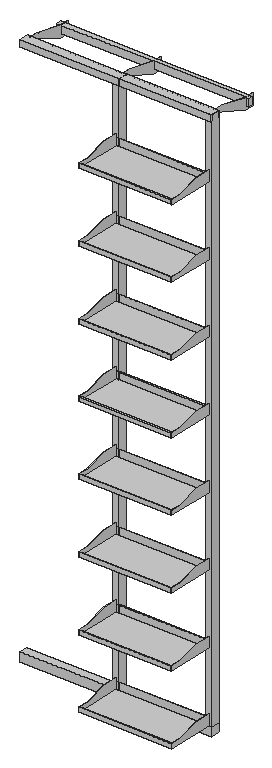
Revit family "RX24", category Specialty Equipment, Revit 2012
Parameters (values of type "Pharmacy Rolling Frame Starter (Default)")
  URL = "http://www.madixinc.com/store/pharmacy/components/index.html"
  Model = "Pharmacy"
  Manufacturer = "© 2012 Madix, Inc. All rights reserved."
  "Front" Base Shelf [instance] = yes
  "Front" 2' Shelf [instance] = yes
  "Front" 3' Shelf [instance] = yes
  "Front" 4' Shelf [instance] = yes
  Shelf Width = 1' - 4"
  "Front" 5' Shelf [instance] = yes
  "Front" 6' Shelf [instance] = yes
  "Front" 7' Shelf [instance] = yes
  "Front" 8' Shelf [instance] = yes
  Height = 8' - 0"
Reference planes (in)
  plane 1 "Center (Front/Back)": y = 0
  plane 2: z = 0
  plane 3 "Center (Left/Right)": x = 0
  plane 4: z = 0
  plane 5: z = 1.5
  plane 6: x = 8.5
  plane 7: x = 8.4375
  plane 8: x = -8.5
  plane 9: x = -8.4375
  plane 10: x = -8
  plane 11: x = 8
  plane 12: x = -8.5
  plane 13: x = 8.5
  plane 14: x = 7.5
  plane 15: x = -7.5
  plane 16: x = -7.9375
  plane 17: x = 7.9375
  plane 18: z = 96
  plane 19: z = 95.9375
  plane 20: z = 95
  plane 21: z = 93
  plane 22: z = 96
  plane 23: z = 95.9375
  plane 24: z = 95
  plane 25: z = 93
  plane 26: z = 96
  plane 27: x = -24.5
  plane 28: x = -24
  plane 29: x = -23.9375
Forms (in)
  Extrusion 1, solid, material "Metal - Steel", visible <- ""Front" Base Shelf"
    sketch origin (0, 0, 0) x (0, 1, 0) y (0, 0, 1)
      loop
        line (-0.75, 1.5) -> (-0.75, 3.25) -> (-3.25, 3.25) -> (-6.75, 2.25) -> (-8.75, 2.25) -> (-8.75, 1.5) -> (-0.75, 1.5)
    from -8 to -7.9375
  Extrusion 2, solid, material "Metal - Steel", visible <- ""Front" Base Shelf"
    sketch origin (0, 0, 0) x (0, 1, 0) y (0, 0, -1)
      loop
        line (-0.75, -1.5) -> (-8.75, -1.5) -> (-8.75, -2.25) -> (-6.75, -2.25) -> (-3.25, -3.25) -> (-0.75, -3.25) -> (-0.75, -1.5)
    from -8 to -7.9375
  Extrusion 3, solid, material "Metal - Steel", visible <- ""Front" Base Shelf"
    sketch origin (-8.5, -1.375, 84) x (0, 0, -1) y (0, -1, 0)
      loop
        line (81.75, 7.375) -> (81.75, 7.3125) -> (82.4375, 7.3125) -> (82.4375, -0.5625) -> (81.21326, -0.5625) -> (81.21326, -0.625) -> (82.5, -0.625) -> (82.5, 7.375) -> (81.75, 7.375)
    from -16.4375 to -0.5625
  Extrusion 4, solid, material "Metal - Steel", visible <- ""Front" 2' Shelf"
    sketch origin (0, 0, 12) x (0, 1, 0) y (0, 0, 1)
      loop
        line (-0.75, 1.5) -> (-0.75, 3.25) -> (-3.25, 3.25) -> (-6.75, 2.25) -> (-8.75, 2.25) -> (-8.75, 1.5) -> (-0.75, 1.5)
    from -8 to -7.9375
  Extrusion 5, solid, material "Metal - Steel", visible <- ""Front" 2' Shelf"
    sketch origin (0, 0, 12) x (0, 1, 0) y (0, 0, -1)
      loop
        line (-0.75, -1.5) -> (-8.75, -1.5) -> (-8.75, -2.25) -> (-6.75, -2.25) -> (-3.25, -3.25) -> (-0.75, -3.25) -> (-0.75, -1.5)
    from -7.9375 to -8
  Extrusion 6, solid, material "Metal - Steel", visible <- ""Front" 2' Shelf"
    sketch origin (-8.5, -1.375, 96) x (0, 0, -1) y (0, -1, 0)
      loop
        line (81.75, 7.375) -> (81.75, 7.3125) -> (82.4375, 7.3125) -> (82.4375, -0.5625) -> (81.21326, -0.5625) -> (81.21326, -0.625) -> (82.5, -0.625) -> (82.5, 7.375) -> (81.75, 7.375)
    from -16.4375 to -0.5625
  Extrusion 7, solid, material "Metal - Steel", visible <- ""Front" 3' Shelf"
    sketch origin (0, 0, 24) x (0, 1, 0) y (0, 0, 1)
      loop
        line (-0.75, 1.5) -> (-0.75, 3.25) -> (-3.25, 3.25) -> (-6.75, 2.25) -> (-8.75, 2.25) -> (-8.75, 1.5) -> (-0.75, 1.5)
    from -8 to -7.9375
  Extrusion 8, solid, material "Metal - Steel", visible <- ""Front" 3' Shelf"
    sketch origin (0, 0, 24) x (0, 1, 0) y (0, 0, -1)
      loop
        line (-0.75, -1.5) -> (-8.75, -1.5) -> (-8.75, -2.25) -> (-6.75, -2.25) -> (-3.25, -3.25) -> (-0.75, -3.25) -> (-0.75, -1.5)
    from -8 to -7.9375
  Extrusion 9, solid, material "Metal - Steel", visible <- ""Front" 3' Shelf"
    sketch origin (-8.5, -1.375, 108) x (0, 0, -1) y (0, -1, 0)
      loop
        line (81.75, 7.375) -> (81.75, 7.3125) -> (82.4375, 7.3125) -> (82.4375, -0.5625) -> (81.21326, -0.5625) -> (81.21326, -0.625) -> (82.5, -0.625) -> (82.5, 7.375) -> (81.75, 7.375)
    from -16.4375 to -0.5625
  Extrusion 10, solid, material "Metal - Steel", visible <- ""Front" 4' Shelf"
    sketch origin (0, 0, 36) x (0, 1, 0) y (0, 0, 1)
      loop
        line (-0.75, 1.5) -> (-0.75, 3.25) -> (-3.25, 3.25) -> (-6.75, 2.25) -> (-8.75, 2.25) -> (-8.75, 1.5) -> (-0.75, 1.5)
    from -8 to -7.9375
  Extrusion 11, solid, material "Metal - Steel", visible <- ""Front" 4' Shelf"
    sketch origin (0, 0, 36) x (0, 1, 0) y (0, 0, -1)
      loop
        line (-0.75, -1.5) -> (-8.75, -1.5) -> (-8.75, -2.25) -> (-6.75, -2.25) -> (-3.25, -3.25) -> (-0.75, -3.25) -> (-0.75, -1.5)
    from -8 to -7.9375
  Extrusion 12, solid, material "Metal - Steel", visible <- ""Front" 4' Shelf"
    sketch origin (-8.5, -1.375, 120) x (0, 0, -1) y (0, -1, 0)
      loop
        line (81.75, 7.375) -> (81.75, 7.3125) -> (82.4375, 7.3125) -> (82.4375, -0.5625) -> (81.21326, -0.5625) -> (81.21326, -0.625) -> (82.5, -0.625) -> (82.5, 7.375) -> (81.75, 7.375)
    from -16.4375 to -0.5625
  Extrusion 13, solid, material "Metal - Steel"
    sketch origin (-6, -1.375, 84) x (-1, 0, 0) y (0, -1, 0)
      loop
        line (18.5, -0.625) -> (-14.5, -0.625) -> (-14.5, -2.125) -> (18.5, -2.125) -> (18.5, -0.625)
    from -84 to -82.5
  Extrusion 14, solid, material "Metal - Steel"
    sketch origin (0, 0, 0) x (0, 1, 0) y (0, 0, -1)
      loop
        line (8.75, -95) -> (8.75, -93) -> (7.25, -93) -> (2.1875, -95) -> (0.8125, -95) -> (0.8125, -96) -> (2.1875, -96) -> (7.25, -95) -> (8.75, -95)
    from -8 to -7.9375
  Extrusion 15, solid, material "Metal - Steel"
    sketch origin (0, 0, 0) x (0, 1, 0) y (0, 0, 1)
      loop
        line (-0.8125, 95) -> (-0.75, 95) -> (-0.75, 95.9375) -> (0.75, 95.9375) -> (0.75, 95) -> (0.8125, 95) -> (0.8125, 96) -> (-0.8125, 96) -> (-0.8125, 95)
      loop
        line (7.25, 95) -> (7.25, 93.75) -> (8, 93.75) -> (8, 95) -> (7.25, 95)
    from -24.5 to 8.5
  Extrusion 16, solid, material "Metal - Steel"
    sketch origin (-6, -1.375, 84) x (-1, 0, 0) y (0, -1, 0)
      loop
        line (2.5, -2.125) -> (2.5, -0.625) -> (1.5, -0.625) -> (1.5, -2.125) -> (2.5, -2.125)
      loop
        line (-14.5, -2.125) -> (-13.5, -2.125) -> (-13.5, -0.625) -> (-14.5, -0.625) -> (-14.5, -2.125)
    from -82.5 to 11.9375
  Extrusion 17, solid, material "Metal - Steel"
    sketch origin (0, 0, 0) x (0, 1, 0) y (0, 0, 1)
      loop
        line (8.75, 95) -> (7.25, 95) -> (2.1875, 96) -> (0.8125, 96) -> (0.8125, 95) -> (2.1875, 95) -> (7.25, 93) -> (8.75, 93) -> (8.75, 95)
    from -8 to -7.9375
  Extrusion 18, solid, material "Metal - Steel", visible <- ""Front" 5' Shelf"
    sketch origin (0, 0, 0) x (0, 1, 0) y (0, 0, 1)
      loop
        line (-0.8125, 50.78674) -> (-0.8125, 49.5625) -> (-8.6875, 49.5625) -> (-8.6875, 50.25) -> (-8.75, 50.25) -> (-8.75, 49.5) -> (-0.75, 49.5) -> (-0.75, 50.78674) -> (-0.8125, 50.78674)
    from -7.9375 to 7.9375
  Extrusion 19, solid, material "Metal - Steel", visible <- ""Front" 6' Shelf"
    sketch origin (0, 0, -72) x (0, 1, 0) y (0, 0, 1)
      loop
        line (-0.8125, 133.5625) -> (-8.6875, 133.5625) -> (-8.6875, 134.25) -> (-8.75, 134.25) -> (-8.75, 133.5) -> (-0.75, 133.5) -> (-0.75, 134.78674) -> (-0.8125, 134.78674) -> (-0.8125, 133.5625)
    from -7.9375 to 7.9375
  Extrusion 20, solid, material "Metal - Steel", visible <- ""Front" 7' Shelf"
    sketch origin (0, 0, 0) x (0, 1, 0) y (0, 0, 1)
      loop
        line (-0.75, 74.78674) -> (-0.8125, 74.78674) -> (-0.8125, 73.5625) -> (-8.6875, 73.5625) -> (-8.6875, 74.25) -> (-8.75, 74.25) -> (-8.75, 73.5) -> (-0.75, 73.5) -> (-0.75, 74.78674)
    from -7.9375 to 7.9375
  Extrusion 21, solid, material "Metal - Steel", visible <- ""Front" 8' Shelf"
    sketch origin (0, 0, 0) x (0, 1, 0) y (0, 0, 1)
      loop
        line (-0.75, 86.78674) -> (-0.8125, 86.78674) -> (-0.8125, 85.5625) -> (-8.6875, 85.5625) -> (-8.6875, 86.25) -> (-8.75, 86.25) -> (-8.75, 85.5) -> (-0.75, 85.5) -> (-0.75, 86.78674)
    from -7.9375 to 7.9375
  Extrusion 22, solid, material "Metal - Steel", visible <- ""Front" 5' Shelf"
    sketch origin (0, 0, 0) x (0, 1, 0) y (0, 0, 1)
      loop
        line (-0.75, 51.25) -> (-3.25, 51.25) -> (-6.75, 50.25) -> (-8.75, 50.25) -> (-8.75, 49.5) -> (-0.75, 49.5) -> (-0.75, 51.25)
    from -8 to -7.9375
  Extrusion 23, solid, material "Metal - Steel", visible <- ""Front" 5' Shelf"
    sketch origin (0, 0, 0) x (0, 1, 0) y (0, 0, -1)
      loop
        line (-0.75, -51.25) -> (-0.75, -49.5) -> (-8.75, -49.5) -> (-8.75, -50.25) -> (-6.75, -50.25) -> (-3.25, -51.25) -> (-0.75, -51.25)
    from -8 to -7.9375
  Extrusion 24, solid, material "Metal - Steel", visible <- ""Front" 6' Shelf"
    sketch origin (0, 0, 0) x (0, 1, 0) y (0, 0, 1)
      loop
        line (-0.75, 63.25) -> (-3.25, 63.25) -> (-6.75, 62.25) -> (-8.75, 62.25) -> (-8.75, 61.5) -> (-0.75, 61.5) -> (-0.75, 63.25)
    from -8 to -7.9375
  Extrusion 25, solid, material "Metal - Steel", visible <- ""Front" 6' Shelf"
    sketch origin (0, 0, 0) x (0, 1, 0) y (0, 0, -1)
      loop
        line (-0.75, -63.25) -> (-0.75, -61.5) -> (-8.75, -61.5) -> (-8.75, -62.25) -> (-6.75, -62.25) -> (-3.25, -63.25) -> (-0.75, -63.25)
    from -8 to -7.9375
  Extrusion 26, solid, material "Metal - Steel", visible <- ""Front" 7' Shelf"
    sketch origin (0, 0, 0) x (0, 1, 0) y (0, 0, 1)
      loop
        line (-0.75, 75.25) -> (-3.25, 75.25) -> (-6.75, 74.25) -> (-8.75, 74.25) -> (-8.75, 73.5) -> (-0.75, 73.5) -> (-0.75, 75.25)
    from -8 to -7.9375
  Extrusion 27, solid, material "Metal - Steel", visible <- ""Front" 7' Shelf"
    sketch origin (0, 0, 0) x (0, 1, 0) y (0, 0, -1)
      loop
        line (-0.75, -75.25) -> (-0.75, -73.5) -> (-8.75, -73.5) -> (-8.75, -74.25) -> (-6.75, -74.25) -> (-3.25, -75.25) -> (-0.75, -75.25)
    from -8 to -7.9375
  Extrusion 28, solid, material "Metal - Steel", visible <- ""Front" 8' Shelf"
    sketch origin (0, 0, 0) x (0, 1, 0) y (0, 0, 1)
      loop
        line (-0.75, 87.25) -> (-3.25, 87.25) -> (-6.75, 86.25) -> (-8.75, 86.25) -> (-8.75, 85.5) -> (-0.75, 85.5) -> (-0.75, 87.25)
    from -8 to -7.9375
  Extrusion 29, solid, material "Metal - Steel", visible <- ""Front" 8' Shelf"
    sketch origin (0, 0, 0) x (0, 1, 0) y (0, 0, -1)
      loop
        line (-0.75, -87.25) -> (-0.75, -85.5) -> (-8.75, -85.5) -> (-8.75, -86.25) -> (-6.75, -86.25) -> (-3.25, -87.25) -> (-0.75, -87.25)
    from -8 to -7.9375
  Extrusion 30, solid, material "Metal - Steel"
    sketch origin (0, 0, 0) x (0, 1, 0) y (0, 0, 1)
      loop
        line (8.75, 95) -> (7.25, 95) -> (2.1875, 96) -> (0.8125, 96) -> (0.8125, 95) -> (2.1875, 95) -> (7.25, 93) -> (8.75, 93) -> (8.75, 95)
    from -24 to -23.9375
Cuts and joins
  joined: Extrusion 1, Extrusion 2, Extrusion 3
  joined: Extrusion 14, Extrusion 15, Extrusion 17
Dimensions and locks (in)
  locked: plane 6 to plane 7 at 0.0625
  locked: plane 9 to plane 8 at 0.0625
  equal spacing: plane 6, plane 3 "Center (Left/Right)", plane 8
  plane 14 to plane 11 to plane 13 = 0' - 0 1/2" locked, 0' - 0 1/2" locked
  plane 12 to plane 10 to plane 15 = 0' - 0 1/2" locked, 0' - 0 1/2" locked
  equal spacing: plane 10, plane 3 "Center (Left/Right)", plane 11
  "Shelf Width": plane 10 to plane 11
  locked: plane 10 to plane 16 at 0.0625
  locked: plane 17 to plane 11 at 0.0625
  plane 18 to plane 19 to plane 20 to plane 21 = 0' - 0 1/16" locked, 0' - 0 15/16" locked, 0' - 2" locked
  plane 22 to plane 23 to plane 24 to plane 25 = 0' - 0 1/16" locked, 0' - 0 15/16" locked, 0' - 2" locked
  "Height": plane 26 to level
  "Shelf Width": plane 27 to plane 12
  plane 27 to plane 28 to plane 29 = 0' - 0 1/2" locked, 0' - 0 1/16" locked
  aligned and locked: level to plane 2
  aligned and locked: Extrusion 3 to Extrusion 2
  aligned and locked: Extrusion 3 to Extrusion 1
  aligned and locked: cut or joined group of Extrusion 1, Extrusion 2, Extrusion 3 to Extrusion 12
  aligned and locked: cut or joined group of Extrusion 1, Extrusion 2, Extrusion 3 to Extrusion 9
  aligned and locked: cut or joined group of Extrusion 1, Extrusion 2, Extrusion 3 to Extrusion 6  (x2)
  aligned and locked: plane 10 to cut or joined group of Extrusion 1, Extrusion 2, Extrusion 3
  aligned and locked: plane 11 to cut or joined group of Extrusion 1, Extrusion 2, Extrusion 3
  aligned and locked: plane 16 to cut or joined group of Extrusion 1, Extrusion 2, Extrusion 3
  aligned and locked: Extrusion 5 to cut or joined group of Extrusion 1, Extrusion 2, Extrusion 3
  aligned and locked: Extrusion 5 to plane 17
  aligned and locked: Extrusion 2 to Extrusion 5  (x2)
  aligned and locked: Extrusion 11 to cut or joined group of Extrusion 1, Extrusion 2, Extrusion 3  (x2)
  aligned and locked: Extrusion 8 to cut or joined group of Extrusion 1, Extrusion 2, Extrusion 3  (x2)
  aligned and locked: Extrusion 12 to cut or joined group of Extrusion 1, Extrusion 2, Extrusion 3  (x2)
  aligned and locked: Extrusion 9 to cut or joined group of Extrusion 1, Extrusion 2, Extrusion 3  (x2)
  aligned and locked: Extrusion 6 to cut or joined group of Extrusion 1, Extrusion 2, Extrusion 3  (x2)
  aligned and locked: Extrusion 10 to cut or joined group of Extrusion 1, Extrusion 2, Extrusion 3  (x2)
  aligned and locked: Extrusion 7 to cut or joined group of Extrusion 1, Extrusion 2, Extrusion 3  (x2)
  aligned and locked: Extrusion 4 to cut or joined group of Extrusion 1, Extrusion 2, Extrusion 3  (x2)
  aligned and locked: plane 6 to plane 13
  aligned and locked: Extrusion 16 to plane 5
  aligned and locked: Extrusion 16 to cut or joined group of Extrusion 14, Extrusion 15, Extrusion 17
  aligned and locked: Extrusion 11 to Extrusion 18
  aligned and locked: Extrusion 18 to Extrusion 10
  aligned and locked: Extrusion 19 to cut or joined group of Extrusion 1, Extrusion 2, Extrusion 3  (x2)
  aligned and locked: plane 19 to Extrusion 16
  aligned and locked: plane 20 to cut or joined group of Extrusion 14, Extrusion 15, Extrusion 17
  aligned and locked: plane 21 to cut or joined group of Extrusion 14, Extrusion 15, Extrusion 17
  aligned and locked: plane 24 to cut or joined group of Extrusion 14, Extrusion 15, Extrusion 17
  aligned and locked: plane 25 to cut or joined group of Extrusion 14, Extrusion 15, Extrusion 17
  aligned and locked: plane 18 to plane 22
  aligned and locked: plane 22 to plane 26
  aligned and locked: Extrusion 29 to cut or joined group of Extrusion 1, Extrusion 2, Extrusion 3  (x2)
  aligned and locked: Extrusion 27 to cut or joined group of Extrusion 1, Extrusion 2, Extrusion 3  (x2)
  aligned and locked: Extrusion 25 to cut or joined group of Extrusion 1, Extrusion 2, Extrusion 3  (x2)
  aligned and locked: Extrusion 23 to cut or joined group of Extrusion 1, Extrusion 2, Extrusion 3  (x2)
  aligned and locked: Extrusion 21 to cut or joined group of Extrusion 1, Extrusion 2, Extrusion 3  (x2)
  aligned and locked: Extrusion 20 to cut or joined group of Extrusion 1, Extrusion 2, Extrusion 3  (x2)
  aligned and locked: Extrusion 28 to cut or joined group of Extrusion 1, Extrusion 2, Extrusion 3  (x2)
  aligned and locked: Extrusion 26 to cut or joined group of Extrusion 1, Extrusion 2, Extrusion 3  (x2)
  aligned and locked: Extrusion 24 to cut or joined group of Extrusion 1, Extrusion 2, Extrusion 3  (x2)
  aligned and locked: Extrusion 22 to cut or joined group of Extrusion 1, Extrusion 2, Extrusion 3  (x2)
  aligned and locked: plane 10 to Extrusion 17
  aligned and locked: Extrusion 17 to plane 16
  aligned and locked: Extrusion 14 to plane 17
  aligned and locked: Extrusion 14 to plane 11
  aligned and locked: plane 6 to Extrusion 15
  aligned and locked: Extrusion 15 to plane 27
  aligned and locked: plane 28 to Extrusion 30
  aligned and locked: Extrusion 30 to plane 29
  aligned and locked: Extrusion 13 to plane 27
Automatic sketch dimensions
  Extrusion 1 sketch curve to plane 5 = 0' - 0"
  plane 1 "Center (Front/Back)" to Extrusion 1 sketch curve = 0' - 8 3/4"
  plane 5 to Extrusion 1 sketch curve = 0' - 0 3/4"
  Extrusion 1 sketch curve to Extrusion 1 sketch curve = 0' - 2"
  plane 1 "Center (Front/Back)" to Extrusion 1 sketch curve = 0' - 3 1/4"
  plane 1 "Center (Front/Back)" to Extrusion 1 sketch curve = 0' - 0 3/4"
  plane 5 to Extrusion 1 sketch curve = 0' - 1 3/4"
  Extrusion 2 sketch curve to plane 5 = 0' - 0"
  plane 1 "Center (Front/Back)" to Extrusion 2 sketch curve = 0' - 8 3/4"
  plane 5 to Extrusion 2 sketch curve = 0' - 0 3/4"
  Extrusion 2 sketch curve to Extrusion 2 sketch curve = 0' - 2"
  plane 1 "Center (Front/Back)" to Extrusion 2 sketch curve = 0' - 3 1/4"
  plane 1 "Center (Front/Back)" to Extrusion 2 sketch curve = 0' - 0 3/4"
  plane 5 to Extrusion 2 sketch curve = 0' - 1 3/4"
  Extrusion 3 sketch curve to plane 5 = 0' - 0"
  plane 5 to Extrusion 3 sketch curve = 0' - 0 1/16"
  Extrusion 3 sketch curve to Extrusion 3 sketch curve = 0' - 0 11/16"
  Extrusion 3 sketch curve to Extrusion 3 sketch curve = 0' - 1.22424"
  plane 1 "Center (Front/Back)" to Extrusion 3 sketch curve = 0' - 0 3/4"
  Extrusion 3 sketch curve to Extrusion 3 sketch curve = 0' - 0 1/16"  (x2)
  Extrusion 3 sketch curve to Extrusion 3 sketch curve = 0' - 7 7/8"
  plane 1 "Center (Front/Back)" to Extrusion 4 sketch curve = 0' - 8 3/4"
  Extrusion 4 sketch curve to Extrusion 4 sketch curve = 0' - 2"
  plane 1 "Center (Front/Back)" to Extrusion 4 sketch curve = 0' - 3 1/4"
  plane 1 "Center (Front/Back)" to Extrusion 4 sketch curve = 0' - 0 3/4"
  plane 5 to Extrusion 4 sketch curve = 1' - 0"
  Extrusion 4 sketch curve to Extrusion 4 sketch curve = 0' - 0 3/4"
  Extrusion 4 sketch curve to Extrusion 4 sketch curve = 0' - 1 3/4"
  plane 1 "Center (Front/Back)" to Extrusion 5 sketch curve = 0' - 8 3/4"
  Extrusion 5 sketch curve to Extrusion 5 sketch curve = 0' - 2"
  plane 1 "Center (Front/Back)" to Extrusion 5 sketch curve = 0' - 3 1/4"
  plane 1 "Center (Front/Back)" to Extrusion 5 sketch curve = 0' - 0 3/4"
  plane 5 to Extrusion 5 sketch curve = 1' - 1 3/4"
  Extrusion 5 sketch curve to Extrusion 5 sketch curve = 0' - 1"
  Extrusion 5 sketch curve to Extrusion 5 sketch curve = 0' - 1 3/4"
  plane 1 "Center (Front/Back)" to Extrusion 6 sketch curve = 0' - 0 13/16"
  plane 5 to Extrusion 6 sketch curve = 1' - 1.28674"
  Extrusion 6 sketch curve to Extrusion 6 sketch curve = 0' - 0.53674"
  Extrusion 6 sketch curve to Extrusion 6 sketch curve = 0' - 0 11/16"
  Extrusion 6 sketch curve to Extrusion 6 sketch curve = 0' - 0 1/16"  (x3)
  Extrusion 6 sketch curve to Extrusion 6 sketch curve = 0' - 7 7/8"
  plane 1 "Center (Front/Back)" to Extrusion 7 sketch curve = 0' - 8 3/4"
  Extrusion 7 sketch curve to Extrusion 7 sketch curve = 0' - 2"
  plane 1 "Center (Front/Back)" to Extrusion 7 sketch curve = 0' - 3 1/4"
  plane 1 "Center (Front/Back)" to Extrusion 7 sketch curve = 0' - 0 3/4"
  plane 5 to Extrusion 7 sketch curve = 2' - 0"
  Extrusion 7 sketch curve to Extrusion 7 sketch curve = 0' - 0 3/4"
  Extrusion 7 sketch curve to Extrusion 7 sketch curve = 0' - 1 3/4"
  plane 1 "Center (Front/Back)" to Extrusion 8 sketch curve = 0' - 8 3/4"
  Extrusion 8 sketch curve to Extrusion 8 sketch curve = 0' - 2"
  plane 1 "Center (Front/Back)" to Extrusion 8 sketch curve = 0' - 3 1/4"
  plane 1 "Center (Front/Back)" to Extrusion 8 sketch curve = 0' - 0 3/4"
  plane 5 to Extrusion 8 sketch curve = 2' - 1 3/4"
  Extrusion 8 sketch curve to Extrusion 8 sketch curve = 0' - 1"
  Extrusion 8 sketch curve to Extrusion 8 sketch curve = 0' - 1 3/4"
  plane 1 "Center (Front/Back)" to Extrusion 9 sketch curve = 0' - 0 13/16"
  plane 5 to Extrusion 9 sketch curve = 2' - 1.28674"
  Extrusion 9 sketch curve to Extrusion 9 sketch curve = 0' - 0.53674"
  Extrusion 9 sketch curve to Extrusion 9 sketch curve = 0' - 0 11/16"
  Extrusion 9 sketch curve to Extrusion 9 sketch curve = 0' - 0 1/16"  (x3)
  Extrusion 9 sketch curve to Extrusion 9 sketch curve = 0' - 7 7/8"
  plane 1 "Center (Front/Back)" to Extrusion 10 sketch curve = 0' - 8 3/4"
  Extrusion 10 sketch curve to Extrusion 10 sketch curve = 0' - 2"
  plane 1 "Center (Front/Back)" to Extrusion 10 sketch curve = 0' - 3 1/4"
  plane 1 "Center (Front/Back)" to Extrusion 10 sketch curve = 0' - 0 3/4"
  plane 5 to Extrusion 10 sketch curve = 3' - 0"
  Extrusion 10 sketch curve to Extrusion 10 sketch curve = 0' - 0 3/4"
  Extrusion 10 sketch curve to Extrusion 10 sketch curve = 0' - 1 3/4"
  plane 1 "Center (Front/Back)" to Extrusion 11 sketch curve = 0' - 8 3/4"
  Extrusion 11 sketch curve to Extrusion 11 sketch curve = 0' - 2"
  plane 1 "Center (Front/Back)" to Extrusion 11 sketch curve = 0' - 3 1/4"
  plane 1 "Center (Front/Back)" to Extrusion 11 sketch curve = 0' - 0 3/4"
  plane 5 to Extrusion 11 sketch curve = 3' - 1 3/4"
  Extrusion 11 sketch curve to Extrusion 11 sketch curve = 0' - 1"
  Extrusion 11 sketch curve to Extrusion 11 sketch curve = 0' - 1 3/4"
  plane 1 "Center (Front/Back)" to Extrusion 12 sketch curve = 0' - 0 13/16"
  plane 5 to Extrusion 12 sketch curve = 3' - 1.28674"
  Extrusion 12 sketch curve to Extrusion 12 sketch curve = 0' - 0.53674"
  Extrusion 12 sketch curve to Extrusion 12 sketch curve = 0' - 0 11/16"
  Extrusion 12 sketch curve to Extrusion 12 sketch curve = 0' - 0 1/16"  (x3)
  Extrusion 12 sketch curve to Extrusion 12 sketch curve = 0' - 7 7/8"
  Extrusion 13 sketch curve to plane 6 = 0' - 0"
  Extrusion 13 sketch curve to plane 8 = 1' - 4"
  Extrusion 13 sketch curve to plane 1 "Center (Front/Back)" = 0' - 0 3/4"
  plane 1 "Center (Front/Back)" to Extrusion 13 sketch curve = 0' - 0 3/4"
  plane 1 "Center (Front/Back)" to Extrusion 15 sketch curve = 0' - 0 13/16"
  Extrusion 15 sketch curve to Extrusion 15 sketch curve = 0' - 0 1/16"  (x3)
  Extrusion 15 sketch curve to plane 1 "Center (Front/Back)" = 0' - 0 3/4"
  Extrusion 15 sketch curve to Extrusion 15 sketch curve = 0' - 6 7/16"
  Extrusion 15 sketch curve to Extrusion 15 sketch curve = 0' - 0 3/4"
  plane 5 to Extrusion 15 sketch curve = 7' - 8 1/4"
  Extrusion 15 sketch curve to Extrusion 15 sketch curve = 0' - 1 1/4"  (x2)
  Extrusion 15 sketch curve to Extrusion 15 sketch curve = 0' - 0"
  Extrusion 15 sketch curve to Extrusion 15 sketch curve = 0' - 0 15/16"
  Extrusion 16 sketch curve to plane 6 = 0' - 0"
  Extrusion 16 sketch curve to plane 14 = 0' - 0"
  Extrusion 16 sketch curve to plane 15 = 0' - 0"
  Extrusion 16 sketch curve to plane 8 = 0' - 0"
  Extrusion 16 sketch curve to plane 1 "Center (Front/Back)" = 0' - 0 3/4"  (x2)
  plane 1 "Center (Front/Back)" to Extrusion 16 sketch curve = 0' - 0 3/4"  (x2)
  plane 1 "Center (Front/Back)" to Extrusion 18 sketch curve = 0' - 8 3/4"
  Extrusion 18 sketch curve to Extrusion 18 sketch curve = 0' - 0 1/16"  (x3)
  plane 1 "Center (Front/Back)" to Extrusion 18 sketch curve = 0' - 0 13/16"
  plane 5 to Extrusion 18 sketch curve = 4' - 0"
  Extrusion 18 sketch curve to Extrusion 18 sketch curve = 0' - 0 11/16"
  Extrusion 18 sketch curve to Extrusion 18 sketch curve = 0' - 1.22424"
  plane 1 "Center (Front/Back)" to Extrusion 19 sketch curve = 0' - 8 3/4"
  Extrusion 19 sketch curve to Extrusion 19 sketch curve = 0' - 0 1/16"  (x3)
  plane 1 "Center (Front/Back)" to Extrusion 19 sketch curve = 0' - 0 13/16"
  plane 5 to Extrusion 19 sketch curve = 5' - 0"
  Extrusion 19 sketch curve to Extrusion 19 sketch curve = 0' - 0 11/16"
  Extrusion 19 sketch curve to Extrusion 19 sketch curve = 0' - 1.22424"
  plane 1 "Center (Front/Back)" to Extrusion 20 sketch curve = 0' - 8 3/4"
  Extrusion 20 sketch curve to Extrusion 20 sketch curve = 0' - 0 1/16"  (x3)
  plane 1 "Center (Front/Back)" to Extrusion 20 sketch curve = 0' - 0 13/16"
  plane 5 to Extrusion 20 sketch curve = 6' - 0"
  Extrusion 20 sketch curve to Extrusion 20 sketch curve = 0' - 0 11/16"
  Extrusion 20 sketch curve to Extrusion 20 sketch curve = 0' - 1.22424"
  plane 1 "Center (Front/Back)" to Extrusion 21 sketch curve = 0' - 8 3/4"
  Extrusion 21 sketch curve to Extrusion 21 sketch curve = 0' - 0 1/16"  (x3)
  plane 1 "Center (Front/Back)" to Extrusion 21 sketch curve = 0' - 0 13/16"
  plane 5 to Extrusion 21 sketch curve = 7' - 0"
  Extrusion 21 sketch curve to Extrusion 21 sketch curve = 0' - 0 11/16"
  Extrusion 21 sketch curve to Extrusion 21 sketch curve = 0' - 1.22424"
  plane 1 "Center (Front/Back)" to Extrusion 22 sketch curve = 0' - 8 3/4"
  Extrusion 22 sketch curve to Extrusion 22 sketch curve = 0' - 2"
  plane 1 "Center (Front/Back)" to Extrusion 22 sketch curve = 0' - 3 1/4"
  plane 1 "Center (Front/Back)" to Extrusion 22 sketch curve = 0' - 0 3/4"
  plane 5 to Extrusion 22 sketch curve = 4' - 0"
  Extrusion 22 sketch curve to Extrusion 22 sketch curve = 0' - 0 3/4"
  Extrusion 22 sketch curve to Extrusion 22 sketch curve = 0' - 1 3/4"
  plane 1 "Center (Front/Back)" to Extrusion 23 sketch curve = 0' - 8 3/4"
  Extrusion 23 sketch curve to Extrusion 23 sketch curve = 0' - 2"
  plane 1 "Center (Front/Back)" to Extrusion 23 sketch curve = 0' - 3 1/4"
  plane 1 "Center (Front/Back)" to Extrusion 23 sketch curve = 0' - 0 3/4"
  plane 5 to Extrusion 23 sketch curve = 4' - 1 3/4"
  Extrusion 23 sketch curve to Extrusion 23 sketch curve = 0' - 1"
  Extrusion 23 sketch curve to Extrusion 23 sketch curve = 0' - 1 3/4"
  plane 1 "Center (Front/Back)" to Extrusion 24 sketch curve = 0' - 8 3/4"
  Extrusion 24 sketch curve to Extrusion 24 sketch curve = 0' - 2"
  plane 1 "Center (Front/Back)" to Extrusion 24 sketch curve = 0' - 3 1/4"
  plane 1 "Center (Front/Back)" to Extrusion 24 sketch curve = 0' - 0 3/4"
  plane 5 to Extrusion 24 sketch curve = 5' - 0"
  Extrusion 24 sketch curve to Extrusion 24 sketch curve = 0' - 0 3/4"
  Extrusion 24 sketch curve to Extrusion 24 sketch curve = 0' - 1 3/4"
  plane 1 "Center (Front/Back)" to Extrusion 25 sketch curve = 0' - 8 3/4"
  Extrusion 25 sketch curve to Extrusion 25 sketch curve = 0' - 2"
  plane 1 "Center (Front/Back)" to Extrusion 25 sketch curve = 0' - 3 1/4"
  plane 1 "Center (Front/Back)" to Extrusion 25 sketch curve = 0' - 0 3/4"
  plane 5 to Extrusion 25 sketch curve = 5' - 1 3/4"
  Extrusion 25 sketch curve to Extrusion 25 sketch curve = 0' - 1"
  Extrusion 25 sketch curve to Extrusion 25 sketch curve = 0' - 1 3/4"
  plane 1 "Center (Front/Back)" to Extrusion 26 sketch curve = 0' - 8 3/4"
  Extrusion 26 sketch curve to Extrusion 26 sketch curve = 0' - 2"
  plane 1 "Center (Front/Back)" to Extrusion 26 sketch curve = 0' - 3 1/4"
  plane 1 "Center (Front/Back)" to Extrusion 26 sketch curve = 0' - 0 3/4"
  plane 5 to Extrusion 26 sketch curve = 6' - 0"
  Extrusion 26 sketch curve to Extrusion 26 sketch curve = 0' - 0 3/4"
  Extrusion 26 sketch curve to Extrusion 26 sketch curve = 0' - 1 3/4"
  plane 1 "Center (Front/Back)" to Extrusion 27 sketch curve = 0' - 8 3/4"
  Extrusion 27 sketch curve to Extrusion 27 sketch curve = 0' - 2"
  plane 1 "Center (Front/Back)" to Extrusion 27 sketch curve = 0' - 3 1/4"
  plane 1 "Center (Front/Back)" to Extrusion 27 sketch curve = 0' - 0 3/4"
  plane 5 to Extrusion 27 sketch curve = 6' - 1 3/4"
  Extrusion 27 sketch curve to Extrusion 27 sketch curve = 0' - 1"
  Extrusion 27 sketch curve to Extrusion 27 sketch curve = 0' - 1 3/4"
  plane 1 "Center (Front/Back)" to Extrusion 28 sketch curve = 0' - 8 3/4"
  Extrusion 28 sketch curve to Extrusion 28 sketch curve = 0' - 2"
  plane 1 "Center (Front/Back)" to Extrusion 28 sketch curve = 0' - 3 1/4"
  plane 1 "Center (Front/Back)" to Extrusion 28 sketch curve = 0' - 0 3/4"
  plane 5 to Extrusion 28 sketch curve = 7' - 0"
  Extrusion 28 sketch curve to Extrusion 28 sketch curve = 0' - 0 3/4"
  Extrusion 28 sketch curve to Extrusion 28 sketch curve = 0' - 1 3/4"
  plane 1 "Center (Front/Back)" to Extrusion 29 sketch curve = 0' - 8 3/4"
  Extrusion 29 sketch curve to Extrusion 29 sketch curve = 0' - 2"
  plane 1 "Center (Front/Back)" to Extrusion 29 sketch curve = 0' - 3 1/4"
  plane 1 "Center (Front/Back)" to Extrusion 29 sketch curve = 0' - 0 3/4"
  plane 5 to Extrusion 29 sketch curve = 7' - 1 3/4"
  Extrusion 29 sketch curve to Extrusion 29 sketch curve = 0' - 1"
  Extrusion 29 sketch curve to Extrusion 29 sketch curve = 0' - 1 3/4"
  Extrusion 17 sketch curve to plane 20 = 0' - 0"  (x2)
  Extrusion 17 sketch curve to plane 18 = 0' - 0"
  Extrusion 17 sketch curve to plane 21 = 0' - 0"
  Extrusion 17 sketch curve to plane 1 "Center (Front/Back)" = 0' - 0 13/16"
  Extrusion 17 sketch curve to Extrusion 17 sketch curve = 0' - 1 3/8"
  Extrusion 17 sketch curve to Extrusion 17 sketch curve = 0' - 0"  (x2)
  Extrusion 17 sketch curve to Extrusion 17 sketch curve = 0' - 5 1/16"
  Extrusion 17 sketch curve to Extrusion 17 sketch curve = 0' - 1 1/2"
  Extrusion 14 sketch curve to plane 18 = 0' - 0"
  Extrusion 14 sketch curve to plane 20 = 0' - 0"  (x2)
  Extrusion 14 sketch curve to plane 21 = 0' - 0"
  Extrusion 14 sketch curve to plane 1 "Center (Front/Back)" = 0' - 0 13/16"
  Extrusion 14 sketch curve to Extrusion 14 sketch curve = 0' - 1 3/8"
  Extrusion 14 sketch curve to Extrusion 14 sketch curve = 0' - 0"  (x2)
  Extrusion 14 sketch curve to Extrusion 14 sketch curve = 0' - 5 1/16"
  Extrusion 14 sketch curve to Extrusion 14 sketch curve = 0' - 1 1/2"
  Extrusion 30 sketch curve to plane 20 = 0' - 0"  (x2)
  Extrusion 30 sketch curve to plane 18 = 0' - 0"
  Extrusion 30 sketch curve to plane 21 = 0' - 0"
  Extrusion 30 sketch curve to plane 1 "Center (Front/Back)" = 0' - 0 13/16"
  Extrusion 30 sketch curve to Extrusion 30 sketch curve = 0' - 1 3/8"
  Extrusion 30 sketch curve to Extrusion 30 sketch curve = 0' - 0"  (x2)
  Extrusion 30 sketch curve to Extrusion 30 sketch curve = 0' - 5 1/16"
  Extrusion 30 sketch curve to Extrusion 30 sketch curve = 0' - 1 1/2"
